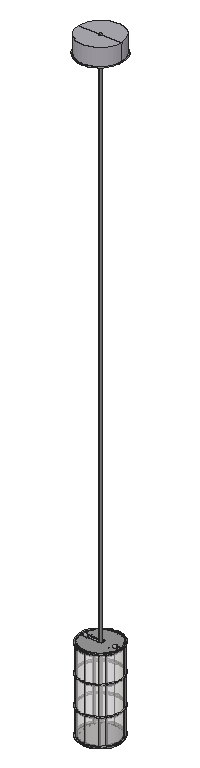
Revit family "Lighting - Lumetta - Pendant - P1304", category Lighting Fixtures, host Ceiling, Revit 2015
Parameters
  Wattage = 11.7117 W
  built-in parameter 1150110 = 1 (stored number, unit not read)
  URL = "https://lumetta.com/luminaires/grid-11-pendant/"
  Type Comments = "Grid 11'' Pendant "  # constant formula
  built-in parameter 1114217 = 1 (stored number, unit not read)
  Top Lens-Material [instance] = Acrylic - 2447 - White
  Top Lens [instance] = yes
  built-in parameter 1150109 = 1 (stored number, unit not read)
  built-in parameter 1150134 = (empty or 0)
  Suspension [instance] = 2
  built-in parameter 1150113 = 1 (stored number, unit not read)
  Stem or Cord with Blst-Drvr in canopy [instance] = or(Suspension = 2, Suspension = 3)  # yes
  Stem Hung-ALL Lamping [instance] = Suspension = 3  # no
  P1304 URL [instance] = "https://lumetta.com/luminaires/grid-11-pendant/"
  Light Source Symbol Size = 0' - 1"
  Coupling-Stems Over 60 inches [instance] = and([Stem Hung-ALL Lamping], Fixture Drop > 5' 0")  # no
  Model = "P1304"  # constant formula
  Manufacturer = "Lumetta, Inc."  # constant formula
  Lumens = 1300 lm
  built-in parameter 1150115 = 1 (stored number, unit not read)
  built-in parameter 1150105 = 103.45 (stored number, unit not read)
  built-in parameter 1150137 = (empty or 0)
  built-in parameter 1150139 = (empty or 0)
  built-in parameter 1150112 = 1 (stored number, unit not read)
  built-in parameter 1150114 = 1 (stored number, unit not read)
  built-in parameter 1150132 = 1
  built-in parameter 1150102 = (empty or 0)
  built-in parameter 1150138 = (empty or 0)
  built-in parameter 1150107 = 3000 (stored number, unit not read)
  built-in parameter 1150106 = 1.0345 (stored number, unit not read)
  Frame Finish [instance] = Paint - Lumetta - F02 - PC_Chrome
  Fixture Drop [instance] = 6' - 0"
  built-in parameter 1150104 = 10.312 (stored number, unit not read)
  Dimming Lamp Color Temperature Shift = (empty or 0)
  Diffuser Material [instance] = Shade - Lumetta - D61 - MT_White
  Description = "Grid 11'' Pendant "  # constant formula
  Cord Hung-Incan-CFL-2 Wire Dimming [instance] = Suspension = 1  # no
  Cord Hung-Blst-Drvr in Canopy [instance] = or(Suspension = 1, Suspension = 2)  # yes
  Bottom Lens-Material [instance] = Acrylic - P95 - Etched White
  Bottom Lens [instance] = yes
  Cord Hung-3 and 4 Wire Dimming-ALL [instance] = Suspension = 2  # yes
  Cord Color [instance] = Cord, Black
  Color Filter = 16777215
  built-in parameter 1114218 = 1 (stored number, unit not read)
  built-in parameter 1150133 = 10 (stored number, unit not read)
Reference planes (in)
  plane 1 "Light Source Axis (F/B)": y = 0
  plane 2 "Ceiling": z = 96
  plane 3 "Light Source Axis (L/R)": x = 0
  plane 4 "Light Source Elevation": z = 21
  plane 5 "Fixture-Top": z = 24
  plane 6 "Fixture-Radius": x = 2.75
  plane 7 "Fixture-Height": z = 13
  plane 8: y = 0
  plane 9: x = 1.9375
  plane 10 "Outer BTM-Flat Plane": z = 10.44187
  plane 11: z = 16.58
  plane 12: z = 20.42
Forms (in)
  Revolve 1, solid, material "Paint - Lumetta - F02 - PC_Chrome" <- "Frame Finish", visible <- "Cord Hung-Incan-CFL-2 Wire Dimming"
    sketch origin (0, 0, 0) x (1, 0, 0) y (0, 0, 1)
      loop
        line (0, 96) -> (0, 95.65) -> (2.125, 95.65)
        arc (2.125, 95.65) -> (2.21339, 95.68661) -> (2.25, 95.775) r 0.125
        line (2.25, 95.775) -> (2.25, 96) -> (0, 96)
      axis (0, 96) -> (0, 95.65)
    angle from 0 to 360
  Extrusion 2, solid, material "Paint - Lumetta - F02 - PC_Chrome" <- "Frame Finish", visible <- "Stem Hung-ALL Lamping"
    sketch origin (0, 0, 24) x (0, -1, 0) y (-1, 0, 0)
      loop
        circle (0, 0) r 0.25
    from 0.05815 to -72
  Revolve 3, solid, material "Paint - Lumetta - F02 - PC_Chrome" <- "Frame Finish", visible <- "Coupling-Stems Over 60 inches"
    sketch origin (0, 0, 0) x (1, 0, 0) y (0, 0, 1)
      loop
        line (0, 86.53023) -> (0, 86) -> (0.26233, 86)
        arc (0.26233, 86) -> (0.31307, 86.05074) -> (0.26233, 86.10149) r 0.05074
        arc (0.26233, 86.10149) -> (0.29304, 86.26499) -> (0.26243, 86.42851) r 0.45126
        arc (0.26243, 86.42851) -> (0.31329, 86.47937) -> (0.26243, 86.53023) r 0.05086
        line (0.26243, 86.53023) -> (0, 86.53023)
      axis (0, 86.53023) -> (0, 86)
    angle from 0 to 360
  Extrusion 4, solid, material "Cord, Black" <- "Cord Color", visible <- "Cord Hung-Blst-Drvr in Canopy"
    sketch origin (0, 0, 24) x (0, -1, 0) y (1, 0, 0)
      loop
        circle (0, 0) r 0.15674
    from -0.56254 to 72
  Extrusion 5, solid, material "Paint - Lumetta - F02 - PC_Chrome" <- "Frame Finish"
    sketch origin (0, 0, 24) x (0, -1, 0) y (1, 0, 0)
      loop
        circle (0, 0) r 0.26562
      loop
        arc (-0.625, -1.88572) -> (-0.61548, -1.93356) -> (-0.58839, -1.97411) r 0.125
        line (-0.58839, -1.97411) -> (-0.41161, -2.15089)
        arc (-0.41161, -2.15089) -> (-0.37106, -2.17798) -> (-0.32322, -2.1875) r 0.125
        line (-0.32322, -2.1875) -> (0.32322, -2.1875)
        arc (0.32322, -2.1875) -> (0.37106, -2.17798) -> (0.41161, -2.15089) r 0.125
        line (0.41161, -2.15089) -> (0.58839, -1.97411)
        arc (0.58839, -1.97411) -> (0.61548, -1.93356) -> (0.625, -1.88572) r 0.125
        line (0.625, -1.88572) -> (0.625, 1.88572)
        arc (0.625, 1.88572) -> (0.61548, 1.93356) -> (0.58839, 1.97411) r 0.125
        line (0.58839, 1.97411) -> (0.41161, 2.15089)
        arc (0.41161, 2.15089) -> (0.37106, 2.17798) -> (0.32322, 2.1875) r 0.125
        line (0.32322, 2.1875) -> (-0.32322, 2.1875)
        arc (-0.32322, 2.1875) -> (-0.37106, 2.17798) -> (-0.41161, 2.15089) r 0.125
        line (-0.41161, 2.15089) -> (-0.58839, 1.97411)
        arc (-0.58839, 1.97411) -> (-0.61548, 1.93356) -> (-0.625, 1.88572) r 0.125
        line (-0.625, 1.88572) -> (-0.625, -1.88572)
      loop
        circle (0, 1.9375) r 0.07846
      loop
        circle (0, -1.9375) r 0.07846
    from -0.05815 to 0
  Revolve 6, solid, material "Paint - Lumetta - F02 - PC_Chrome" <- "Frame Finish", visible <- "Cord Hung-Incan-CFL-2 Wire Dimming"
    sketch origin (0, 0, 0) x (1, 0, 0) y (0, 0, 1)
      loop
        line (0, 95.65) -> (0, 95.15) -> (0.28125, 95.15) -> (0.375, 95.65) -> (0, 95.65)
      axis (0, 95.65) -> (0, 95.15)
    angle from 0 to 360
  Revolve 7, solid, material "Paint - Lumetta - F02 - PC_Chrome" <- "Frame Finish", visible <- "Stem or Cord with Blst-Drvr in canopy"
    sketch origin (0, 0, 0) x (1, 0, 0) y (0, 0, 1)
      loop
        line (1.9375, 93.72) -> (1.9375, 93.37095)
        arc (1.9375, 93.37095) -> (2.11821, 93.50953) -> (2.03125, 93.72) r 0.18712
        line (2.03125, 93.72) -> (1.9375, 93.72)
      axis (1.9375, 93.72) -> (1.9375, 93.37095)
    angle from 0 to 360
  Revolve 8, solid, material "Paint - Lumetta - F02 - PC_Chrome" <- "Frame Finish", visible <- "Stem or Cord with Blst-Drvr in canopy"
    sketch origin (0, 0, 0) x (-1, 0, 0) y (0, 0, 1)
      loop
        line (1.9375, 93.72) -> (1.9375, 93.37095)
        arc (1.9375, 93.37095) -> (2.11821, 93.50953) -> (2.03125, 93.72) r 0.18712
        line (2.03125, 93.72) -> (1.9375, 93.72)
      axis (1.9375, 93.72) -> (1.9375, 93.37095)
    angle from 0 to 360
  Revolve 9, solid, material "Paint - Lumetta - F02 - PC_Chrome" <- "Frame Finish"
    sketch origin (0, 0, 0) x (1, 0, 0) y (0, 0, 1)
      loop
        circle (2.6825, 23.9325) r 0.0675
      axis (0, 23.9325) -> (0, 23.89313)
    angle from 0 to 360
  Revolve 10, solid, material "Paint - Lumetta - F02 - PC_Chrome" <- "Frame Finish"
    sketch origin (0, 0, 0) x (1, 0, 0) y (0, 0, 1)
      loop
        circle (2.6825, 13.0675) r 0.0675
      axis (0, 13.0675) -> (0, 13.02813)
    angle from 0 to 360
  Extrusion 11, solid, material "Paint - Lumetta - F02 - PC_Chrome" <- "Frame Finish"
    sketch origin (0, 0, 24) x (0, -1, 0) y (1, 0, 0)
      loop
        line (-0.5, 1.57812) -> (0.5, 1.57812) -> (0.5, 2.63549)
        arc (0.5, 2.63549) -> (0, 2.6825) -> (-0.5, 2.63549) r 2.6825
        line (-0.5, 2.63549) -> (-0.5, 1.57812)
      loop
        circle (0, 1.9375) r 0.09375
      loop
        line (-0.5, -1.57813) -> (-0.5, -2.63549)
        arc (-0.5, -2.63549) -> (0, -2.6825) -> (0.5, -2.63549) r 2.6825
        line (0.5, -2.63549) -> (0.5, -1.57813) -> (-0.5, -1.57813)
      loop
        circle (0, -1.9375) r 0.09375
    from 0 to 0.07325
  Revolve 12, solid, material "Paint - Lumetta - F02 - PC_Chrome" <- "Frame Finish", visible <- "Stem Hung-ALL Lamping"
    sketch origin (0, 0, 0) x (1, 0, 0) y (0, 0, 1)
      loop
        line (0, 96.0012) -> (0, 93.40625) -> (0.34988, 93.40625)
        arc (0.34988, 93.40625) -> (0.49124, 93.54417) -> (0.58115, 93.72) r 0.61026
        line (0.58115, 93.72) -> (3, 93.72) -> (3, 93.78) -> (2.875, 93.78) -> (2.875, 96.0012) -> (0, 96.0012)
      axis (0, 96.0012) -> (0, 93.40625)
    angle from 0 to 360
  Revolve 13, solid, material "Paint - Lumetta - F02 - PC_Chrome" <- "Frame Finish"
    sketch origin (0, 0, 5.25) x (1, 0, 0) y (0, 0, 1)
      loop
        circle (2.6825, 11.33) r 0.0675
      axis (0, 11.33) -> (0, 11.29063)
    angle from 0 to 360
  Revolve 14, solid, material "Paint - Lumetta - F02 - PC_Chrome" <- "Frame Finish"
    sketch origin (0, 0, 6.25) x (1, 0, 0) y (0, 0, 1)
      loop
        circle (2.6825, 14.17) r 0.0675
      axis (0, 14.17) -> (0, 14.13063)
    angle from 0 to 360
  Extrusion 15, solid, material "Paint - Lumetta - F02 - PC_Chrome" <- "Frame Finish"
    sketch origin (0, 0, 24) x (0, -1, 0) y (1, 0, 0)
      loop
        circle (2.04707, 1.51674) r 0.0675
      loop
        circle (1.51674, 2.04707) r 0.0675
      loop
        circle (-1.51674, -2.04707) r 0.0675
      loop
        circle (-2.04707, -1.51674) r 0.0675
      loop
        circle (-1.51674, 2.04707) r 0.0675
      loop
        circle (-2.04707, 1.51674) r 0.0675
      loop
        circle (2.04707, -1.51674) r 0.0675
      loop
        circle (1.51674, -2.04707) r 0.0675
    from 0 to -11
  Revolve 16, solid, material "Paint - Lumetta - F02 - PC_Chrome" <- "Frame Finish"
    sketch origin (0, 0, 0) x (1, 0, 0) y (0, 0, 1)
      loop
        arc (2.0625, 24.07325) -> (2.11266, 24.27991) -> (1.9375, 24.4005) r 0.1875
        line (1.9375, 24.4005) -> (1.9375, 24.07325) -> (2.0625, 24.07325)
      axis (1.9375, 24.4005) -> (1.9375, 24.07325)
    angle from 0 to 360
  Revolve 17, solid, material "Paint - Lumetta - F02 - PC_Chrome" <- "Frame Finish"
    sketch origin (0, 0, 0) x (-1, 0, 0) y (0, 0, 1)
      loop
        arc (2.0625, 24.07325) -> (2.11266, 24.27991) -> (1.9375, 24.4005) r 0.1875
        line (1.9375, 24.4005) -> (1.9375, 24.07325) -> (2.0625, 24.07325)
      axis (1.9375, 24.4005) -> (1.9375, 24.07325)
    angle from 0 to 360
  Extrusion 18, solid, material "Shade - Lumetta - D61 - MT_White" <- "Diffuser Material"
    sketch origin (0, 0, 24) x (0, -1, 0) y (1, 0, 0)
      loop
        circle (0, 0) r 2.48
      loop
        circle (0, 0) r 2.44875
    from -11 to 0
  Revolve 19, solid, material "Paint - Lumetta - F02 - PC_Chrome" <- "Frame Finish", visible <- "Top Lens"
    sketch origin (-0.01413, 0, 0.1412) x (1, 0, 0) y (0, 0, 1)
      loop
        circle (2.69663, 23.9263) r 0.0675
      axis (0.01413, 23.9263) -> (0.01413, 23.88693)
    angle from 0 to 360
  Extrusion 20, solid, material "Paint - Lumetta - F02 - PC_Chrome" <- "Frame Finish", visible <- "Bottom Lens"
    sketch origin (0, 0, 13) x (0, -1, 0) y (1, 0, 0)
      loop
        circle (0, 0) r 2.65625
      loop
        circle (0, 0) r 2.15625
    from -0.05888 to 0
  Extrusion 21, solid, material "Acrylic - P95 - Etched White" <- "Bottom Lens-Material", visible <- "Bottom Lens"
    sketch origin (0, 0, 13) x (0, -1, 0) y (1, 0, 0)
      loop
        circle (0, 0) r 2.40625
    from 0 to 0.11365
  Extrusion 22, solid, material "Acrylic - 2447 - White" <- "Top Lens-Material", visible <- "Top Lens"
    sketch origin (0.01229, 0, 24.07325) x (0, -1, 0) y (1, 0, 0)
      loop
        arc (-0.26563, 2.46576) -> (-0.28695, 2.51278) -> (-0.33637, 2.52772) r 0.0625
        arc (-0.33637, 2.52772) -> (-2.54999, 0.00808) -> (-0.35239, -2.52553) r 2.55
        arc (-0.35239, -2.52553) -> (-0.30272, -2.51078) -> (-0.28125, -2.46363) r 0.0625
        line (-0.28125, -2.46363) -> (-0.28125, -0.38906)
        arc (-0.28125, -0.38906) -> (-0.29025, -0.34247) -> (-0.31597, -0.3026) r 0.125
        arc (-0.31597, -0.3026) -> (0, 0.4375) -> (0.31597, -0.3026) r 0.4375
        arc (0.31597, -0.3026) -> (0.29025, -0.34247) -> (0.28125, -0.38906) r 0.125
        line (0.28125, -0.38906) -> (0.28125, -2.46363)
        arc (0.28125, -2.46363) -> (0.30272, -2.51078) -> (0.35239, -2.52553) r 0.0625
        arc (0.35239, -2.52553) -> (2.54999, 0.00808) -> (0.33637, 2.52772) r 2.55
        arc (0.33637, 2.52772) -> (0.28695, 2.51278) -> (0.26563, 2.46576) r 0.0625
        line (0.26563, 2.46576) -> (0.26563, 1.9375)
        arc (0.26563, 1.9375) -> (0, 1.67188) -> (-0.26562, 1.9375) r 0.26562
        line (-0.26562, 1.9375) -> (-0.26563, 2.46576)
    from 0 to 0.05449
  Revolve 23, solid, material "Paint - Lumetta - F02 - PC_Chrome" <- "Frame Finish", visible <- "Cord Hung-3 and 4 Wire Dimming-ALL"
    sketch origin (0, 0, -2.02309) x (1, 0, 0) y (0, 0, 1)
      loop
        line (0, 95.74309) -> (0, 95.24309) -> (0.28125, 95.24309) -> (0.375, 95.74309) -> (0, 95.74309)
      axis (0, 95.74309) -> (0, 95.24309)
    angle from 0 to 360
  Revolve 24, solid, material "Paint - Lumetta - F02 - PC_Chrome" <- "Frame Finish", visible <- "Cord Hung-3 and 4 Wire Dimming-ALL"
    sketch origin (0, 0, 0) x (1, 0, 0) y (0, 0, 1)
      loop
        line (0, 96) -> (0, 93.72) -> (3, 93.72) -> (3, 93.78125) -> (2.875, 93.78125) -> (2.875, 96) -> (0, 96)
      axis (0, 96) -> (0, 93.72)
    angle from 0 to 360
Dimensions and locks (in)
  equal spacing: host sketch curve, plane 3 "Light Source Axis (L/R)", host sketch curve
  equal spacing: host sketch curve, plane 1 "Light Source Axis (F/B)", host sketch curve
  host sketch curve to host sketch curve = 10' - 0"  (x2)
  "Fixture Drop": plane 2 "Ceiling" to plane 5 "Fixture-Top"
  plane 5 "Fixture-Top" to plane 4 "Light Source Elevation" = 0' - 3"
  locked: plane 6 "Fixture-Radius" to plane 3 "Light Source Axis (L/R)" at 2.75
  locked: plane 5 "Fixture-Top" to plane 7 "Fixture-Height" at 11
  locked: Extrusion 2 sketch curve to imposter light
  locked: Extrusion 2 sketch curve to imposter light at 0
  Revolve 3 sketch curve to Revolve 3 sketch curve = 0' - 0.15822"
  locked: Revolve 3 sketch curve to Revolve 3 sketch curve at 0.53023
  locked: Revolve 3 sketch curve to Revolve 3 sketch curve at 0.26243
  locked: Revolve 3 sketch curve to Revolve 3 sketch curve at 0.26233
  locked: Revolve 3 sketch curve to Revolve 3 sketch curve at 0.05074
  locked: Revolve 3 sketch curve to Revolve 3 sketch curve at 0.47937
  locked: Revolve 3 sketch curve to Revolve 3 sketch curve at 0.26512
  locked: Revolve 1 to Revolve 6 sketch curve at 0.5
  locked: plane 6 "Fixture-Radius" to Revolve 9 sketch curve at 0.0675
  locked: plane 5 "Fixture-Top" to Revolve 9 sketch curve at 0.0675
  equal spacing: Extrusion 11 sketch curve, plane 8, Extrusion 11 sketch curve, locked at 0.5 each  (x2)
  locked: Extrusion 11 sketch curve to Extrusion 11 sketch curve at 1
  locked: Extrusion 11 to plane 5 "Fixture-Top" at 0.07325
  locked: plane 5 "Fixture-Top" to Extrusion 5 at 0.05815
  locked: Revolve 12 sketch curve to Revolve 12 sketch curve at 2.875
  locked: Revolve 12 sketch curve to Revolve 12 sketch curve at 0.31375
  locked: plane 2 "Ceiling" to Revolve 12 sketch curve at 2.28
  locked: Revolve 12 sketch curve to plane 3 "Light Source Axis (L/R)" at 0
  locked: Revolve 12 sketch curve to plane 2 "Ceiling" at 0.0012
  locked: plane 5 "Fixture-Top" to plane 10 "Outer BTM-Flat Plane" at 13.55813
  locked: plane 2 "Ceiling" to Revolve 1 sketch curve at 0.35
  locked: Revolve 1 sketch curve to plane 2 "Ceiling"
  locked: Revolve 1 sketch curve to plane 3 "Light Source Axis (L/R)" at 2.25
  locked: plane 2 "Ceiling" to Revolve 6 sketch curve at 0.35
  locked: Revolve 10 sketch curve to plane 7 "Fixture-Height" at 0.0675
  locked: plane 6 "Fixture-Radius" to Revolve 10 sketch curve at 0.0675
  plane 3 "Light Source Axis (L/R)" to Extrusion 11 sketch curve = 0' - 1 37/64"
  locked: Extrusion 11 sketch curve to Extrusion 11 sketch curve at 3.15625
  locked: Extrusion 11 sketch curve to plane 3 "Light Source Axis (L/R)" at 1.9375
  locked: Extrusion 11 sketch curve to Extrusion 11 sketch curve at 3.875
  locked: Extrusion 5 sketch curve to plane 3 "Light Source Axis (L/R)" at 1.9375
  locked: Extrusion 5 sketch curve to Extrusion 5 sketch curve at 3.875
  locked: plane 8 to Extrusion 5 sketch curve at 0.625  (x2)
  locked: plane 11 to plane 7 "Fixture-Height" at 3.58
  locked: plane 5 "Fixture-Top" to plane 12 at 3.58
  locked: plane 6 "Fixture-Radius" to Revolve 13 sketch curve at 0.0675
  locked: Revolve 13 sketch curve to plane 11
  locked: plane 6 "Fixture-Radius" to Revolve 14 sketch curve at 0.0675
  locked: Revolve 14 sketch curve to plane 12
  plane 3 "Light Source Axis (L/R)" to Extrusion 15 sketch curve = 0' - 1.51674"
  plane 3 "Light Source Axis (L/R)" to Extrusion 15 sketch curve = 0' - 2.04707"
  plane 8 to Extrusion 15 sketch curve = 0' - 2.04707"
  plane 8 to Extrusion 15 sketch curve = 0' - 1.51674"
  locked: plane 3 "Light Source Axis (L/R)" to Revolve 16 sketch curve at 1.9375
  locked: Revolve 16 sketch curve to Revolve 16 sketch curve at 0.13975
  Revolve 16 sketch curve to Extrusion 11 = 0' - 0"
  locked: Revolve 17 sketch curve to Revolve 17 sketch curve at 0.13975
  locked: Revolve 17 sketch curve to Extrusion 11 at 0
  locked: Revolve 17 sketch curve to plane 3 "Light Source Axis (L/R)" at 1.9375
  locked: plane 6 "Fixture-Radius" to Revolve 19 sketch curve at 0.0675
  locked: Revolve 19 sketch curve to plane 5 "Fixture-Top" at 0.0675
  locked: Revolve 19 sketch curve to imposter light at 0
  locked: plane 7 "Fixture-Height" to Extrusion 20 at 0.05888
  locked: Extrusion 21 to plane 7 "Fixture-Height" at 0.11365
  locked: Extrusion 22 to Extrusion 22 at 0.05449
  locked: Revolve 12 sketch curve to plane 3 "Light Source Axis (L/R)" at 3
  locked: Revolve 24 sketch curve to plane 2 "Ceiling"
  locked: plane 3 "Light Source Axis (L/R)" to Revolve 24 sketch curve at 2.875
  locked: plane 2 "Ceiling" to Revolve 24 sketch curve at 2.28
  locked: Revolve 24 sketch curve to Revolve 24 sketch curve at 0.06125
  locked: Revolve 24 sketch curve to Revolve 24 sketch curve at 0.125
  locked: Revolve 24 sketch curve to plane 3 "Light Source Axis (L/R)" at 0
  locked: Revolve 23 sketch curve to Revolve 23 sketch curve at 0.5
  locked: Revolve 23 sketch curve to Revolve 23 sketch curve at 0
  locked: Revolve 23 sketch curve to Revolve 23 sketch curve at 0.375
  locked: Revolve 23 sketch curve to Revolve 23 sketch curve at 0.28125
  locked: plane 2 "Ceiling" to Revolve 23 sketch curve at 2.28
  locked: Extrusion 20 to plane 7 "Fixture-Height" at 0
  aligned and locked: plane 3 "Light Source Axis (L/R)" to imposter light
  aligned and locked: plane 1 "Light Source Axis (F/B)" to imposter light
  aligned and locked: plane 4 "Light Source Elevation" to imposter light
  aligned and locked: Revolve 3 sketch curve to Revolve 3 sketch curve  (x2)
  aligned and locked: host ceiling to Extrusion 2
  aligned and locked: host ceiling to Extrusion 4
  aligned and locked: Extrusion 5 to Extrusion 2
  aligned and locked: Revolve 7 sketch curve to plane 9
  aligned and locked: Revolve 10 sketch curve to plane 3 "Light Source Axis (L/R)"
  aligned and locked: plane 5 "Fixture-Top" to Extrusion 11
  aligned and locked: Extrusion 5 to plane 5 "Fixture-Top"
  aligned and locked: plane 7 "Fixture-Height" to Extrusion 15
  aligned and locked: Extrusion 18 to plane 5 "Fixture-Top"
  aligned and locked: plane 7 "Fixture-Height" to Extrusion 21
  aligned and locked: Extrusion 22 to Extrusion 11
  aligned and locked: plane 7 "Fixture-Height" to Extrusion 18
Automatic sketch dimensions
  Revolve 1 sketch curve to plane 3 "Light Source Axis (L/R)" = 0' - 0"  (x2)
  Revolve 1 sketch curve to Revolve 1 sketch curve = 0' - 0 1/8"
  Revolve 1 sketch curve to plane 5 "Fixture-Top" = 0' - 1 1/4"
  plane 2 "Ceiling" to Revolve 1 sketch curve = 0' - 9 3/4"
  Revolve 3 sketch curve to plane 3 "Light Source Axis (L/R)" = 0' - 0"
  Revolve 3 sketch curve to plane 2 "Ceiling" = 0' - 10"
  Revolve 3 sketch curve to Revolve 3 sketch curve = 0' - 11.34317"
  plane 1 "Light Source Axis (F/B)" to Extrusion 4 sketch curve = 0' - 0"
  Extrusion 4 sketch curve to plane 3 "Light Source Axis (L/R)" = 0' - 0"
  plane 1 "Light Source Axis (F/B)" to Extrusion 5 sketch curve = 0' - 0"  (x3)
  Extrusion 5 sketch curve to plane 3 "Light Source Axis (L/R)" = 0' - 0"
  plane 9 to Extrusion 5 sketch curve = 0' - 0.03661"  (x2)
  Extrusion 5 sketch curve to Extrusion 5 sketch curve = 0' - 0.03661"  (x5)
  Extrusion 5 sketch curve to plane 9 = 0' - 0.05178"  (x2)
  Extrusion 5 sketch curve to Extrusion 5 sketch curve = 0' - 0.08839"  (x6)
  Extrusion 5 sketch curve to Extrusion 5 sketch curve = 0' - 0.17678"  (x4)
  plane 1 "Light Source Axis (F/B)" to Extrusion 5 sketch curve = 0' - 0.32322"  (x2)
  plane 9 to Extrusion 5 sketch curve = 0' - 0 1/8"
  plane 9 to Extrusion 5 sketch curve = 0' - 0.21339"
  Extrusion 5 sketch curve to Extrusion 5 sketch curve = 0' - 0 1/8"  (x3)
  Revolve 6 sketch curve to plane 3 "Light Source Axis (L/R)" = 0' - 0"  (x2)
  Revolve 6 sketch curve to Revolve 6 sketch curve = 0' - 0 9/32"
  Revolve 6 sketch curve to Revolve 6 sketch curve = 0' - 0 3/8"
  Revolve 6 sketch curve to Revolve 6 sketch curve = 0' - 1 1/4"
  plane 2 "Ceiling" to Revolve 6 sketch curve = 0' - 6 11/16"
  Revolve 7 sketch curve to plane 9 = 0' - 0"
  plane 9 to Revolve 7 sketch curve = 0' - 0 3/32"
  Revolve 7 sketch curve to plane 2 "Ceiling" = 0' - 2.62905"
  Revolve 7 sketch curve to Revolve 7 sketch curve = 0' - 0.18712"
  Revolve 7 sketch curve to Revolve 7 sketch curve = 0' - 1.15095"
  plane 2 "Ceiling" to Revolve 7 sketch curve = 0' - 0.72"
  plane 3 "Light Source Axis (L/R)" to Revolve 8 sketch curve = 0' - 1 15/16"
  Revolve 8 sketch curve to Revolve 8 sketch curve = 0' - 0 3/32"
  plane 2 "Ceiling" to Revolve 8 sketch curve = 0' - 2.62905"
  Revolve 8 sketch curve to Revolve 8 sketch curve = 0' - 0.18712"
  Revolve 8 sketch curve to Revolve 8 sketch curve = 0' - 0"
  Revolve 8 sketch curve to Revolve 8 sketch curve = 0' - 1.15095"
  Revolve 8 sketch curve to plane 2 "Ceiling" = 0' - 0.72"
  Revolve 9 sketch curve to plane 3 "Light Source Axis (L/R)" = 0' - 0"
  Revolve 9 sketch curve to plane 4 "Light Source Elevation" = 0' - 0 1/2"
  Revolve 9 sketch curve to plane 5 "Fixture-Top" = 0' - 2 1/2"
  level to Revolve 10 sketch curve = 0' - 0 3/4"
  Revolve 10 sketch curve to plane 11 = 0' - 2 3/8"
  Extrusion 11 sketch curve to Extrusion 11 sketch curve = 0' - 0"  (x2)
  plane 1 "Light Source Axis (F/B)" to Extrusion 11 sketch curve = 0' - 0"  (x3)
  Extrusion 11 sketch curve to plane 3 "Light Source Axis (L/R)" = 0' - 0"
  Extrusion 11 sketch curve to plane 1 "Light Source Axis (F/B)" = 0' - 0 1/2"
  Extrusion 11 sketch curve to Extrusion 11 sketch curve = 0' - 0.69799"
  Extrusion 11 sketch curve to plane 6 "Fixture-Radius" = 0' - 0.11451"
  Revolve 12 sketch curve to plane 3 "Light Source Axis (L/R)" = 0' - 0"  (x2)
  Revolve 12 sketch curve to Revolve 12 sketch curve = 0' - 0.34988"
  Revolve 12 sketch curve to Revolve 12 sketch curve = 0' - 0.23126"
  Revolve 12 sketch curve to Revolve 12 sketch curve = 0' - 0.06"
  Revolve 12 sketch curve to Revolve 12 sketch curve = 0' - 1.7488"
  Revolve 12 sketch curve to Revolve 12 sketch curve = 0' - 2 1/2"
  Revolve 13 sketch curve to plane 3 "Light Source Axis (L/R)" = 0' - 0"
  Revolve 13 sketch curve to plane 10 "Outer BTM-Flat Plane" = 0' - 4.44187"
  plane 4 "Light Source Elevation" to Revolve 13 sketch curve = 0' - 0 1/2"
  Revolve 14 sketch curve to plane 3 "Light Source Axis (L/R)" = 0' - 0"
  Revolve 14 sketch curve to plane 10 "Outer BTM-Flat Plane" = 0' - 3.44187"
  Revolve 14 sketch curve to plane 4 "Light Source Elevation" = 0' - 0 1/2"
  plane 9 to Extrusion 15 sketch curve = 0' - 0.10957"
  Extrusion 15 sketch curve to plane 1 "Light Source Axis (F/B)" = 0' - 1.51674"  (x2)
  Extrusion 15 sketch curve to Extrusion 15 sketch curve = 0' - 0.53033"  (x5)
  plane 1 "Light Source Axis (F/B)" to Extrusion 15 sketch curve = 0' - 1.51674"
  Extrusion 15 sketch curve to plane 9 = 0' - 0.42076"
  Extrusion 15 sketch curve to plane 3 "Light Source Axis (L/R)" = 0' - 1.51674"  (x2)
  plane 9 to Revolve 16 sketch curve = 0' - 0"
  Revolve 16 sketch curve to Revolve 16 sketch curve = 0' - 0 1/8"
  plane 5 "Fixture-Top" to Revolve 16 sketch curve = 0' - 0.44618"
  Revolve 16 sketch curve to Revolve 16 sketch curve = 0' - 0.19786"
  Revolve 17 sketch curve to Revolve 17 sketch curve = 0' - 0"
  Revolve 17 sketch curve to Revolve 17 sketch curve = 0' - 0 1/8"
  Revolve 17 sketch curve to plane 5 "Fixture-Top" = 0' - 0.44618"
  Revolve 17 sketch curve to Revolve 17 sketch curve = 0' - 0.19786"
  Extrusion 18 sketch curve to Extrusion 18 sketch curve = 0' - 0"  (x2)
  plane 1 "Light Source Axis (F/B)" to Extrusion 18 sketch curve = 0' - 0"
  Extrusion 18 sketch curve to plane 3 "Light Source Axis (L/R)" = 0' - 0"
  Revolve 19 sketch curve to plane 4 "Light Source Elevation" = 0' - 0.6412"
  Revolve 19 sketch curve to plane 5 "Fixture-Top" = 0' - 2.6412"
  Extrusion 20 sketch curve to Extrusion 20 sketch curve = 0' - 0"  (x2)
  plane 1 "Light Source Axis (F/B)" to Extrusion 20 sketch curve = 0' - 0"
  Extrusion 20 sketch curve to plane 3 "Light Source Axis (L/R)" = 0' - 0"
  plane 1 "Light Source Axis (F/B)" to Extrusion 21 sketch curve = 0' - 0"
  Extrusion 21 sketch curve to plane 3 "Light Source Axis (L/R)" = 0' - 0"
  Extrusion 22 sketch curve to Extrusion 22 sketch curve = 0' - 0"  (x10)
  plane 1 "Light Source Axis (F/B)" to Extrusion 22 sketch curve = 0' - 0"  (x2)
  Extrusion 22 sketch curve to plane 1 "Light Source Axis (F/B)" = 0' - 0 17/64"
  Extrusion 22 sketch curve to plane 1 "Light Source Axis (F/B)" = 0' - 0 9/32"
  Extrusion 22 sketch curve to Extrusion 22 sketch curve = 0' - 0 1/16"  (x4)
  Extrusion 22 sketch curve to Extrusion 22 sketch curve = 0' - 0 1/8"  (x2)
  plane 1 "Light Source Axis (F/B)" to Extrusion 22 sketch curve = 0' - 0 9/32"
  Extrusion 22 sketch curve to plane 3 "Light Source Axis (L/R)" = 0' - 2.45134"
  Extrusion 22 sketch curve to plane 3 "Light Source Axis (L/R)" = 0' - 0.37677"  (x2)
  plane 3 "Light Source Axis (L/R)" to Extrusion 22 sketch curve = 0' - 0.01229"
  plane 9 to Extrusion 22 sketch curve = 0' - 0.01229"
  Extrusion 22 sketch curve to plane 6 "Fixture-Radius" = 0' - 0.27195"  (x2)
  Revolve 24 sketch curve to plane 3 "Light Source Axis (L/R)" = 0' - 0"
  Revolve 24 sketch curve to Revolve 24 sketch curve = 0' - 10.47"
  plane 2 "Ceiling" to Revolve 24 sketch curve = 1' - 0"
  Revolve 23 sketch curve to plane 3 "Light Source Axis (L/R)" = 0' - 0"
  Revolve 23 sketch curve to Revolve 23 sketch curve = 0' - 1.34309"
  plane 2 "Ceiling" to Revolve 23 sketch curve = 0' - 4.66441"
  radius of Extrusion 2 sketch curve = 0' - 0 1/4"
  radius of Extrusion 4 sketch curve = 0' - 0.15674"
  radius of Extrusion 5 sketch curve = 0' - 0 17/64"
  radius of Extrusion 5 sketch curve = 0' - 0.07846"  (x2)
  radius of Revolve 9 sketch curve = 0' - 0.0675"
  radius of Revolve 10 sketch curve = 0' - 0.0675"
  radius of Extrusion 11 sketch curve = 0' - 0 3/32"  (x2)
  radius of Revolve 13 sketch curve = 0' - 0.0675"
  radius of Revolve 14 sketch curve = 0' - 0.0675"
  radius of Extrusion 15 sketch curve = 0' - 0.0675"  (x8)
  radius of Extrusion 18 sketch curve = 0' - 2.48"
  radius of Extrusion 18 sketch curve = 0' - 2.44875"
  radius of Revolve 19 sketch curve = 0' - 0.0675"
  radius of Extrusion 20 sketch curve = 0' - 2 21/32"
  radius of Extrusion 20 sketch curve = 0' - 2 5/32"
  radius of Extrusion 21 sketch curve = 0' - 2 13/32"
